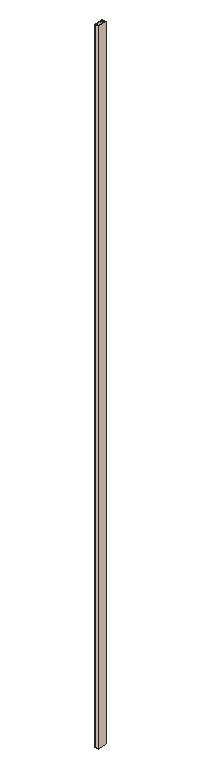
Revit family "sq4020", category 機械設備, Revit 2022
Family settings
  丸型コネクタ寸法 = 直径を使用
  種別 = なし
  パーツ タイプ = 標準
  作業面ベース = いいえ
  常に垂直 = はい
  ロード時にボイドで切り取り = いいえ
  注釈の向きを維持 = いいえ
  共有 = いいえ
  部屋計算ポイント = いいえ
Parameters
  製造元 = "株式会社桐井製作所"
  既定の高さ = 0 mm
  URL = "https://www.kirii.co.jp/"
  K_長さ(mm) [instance] = 3000 mm
  K_材質 = "SGCC　一般用"
  K_断面積A(mm2) = 57
  K_断面係数Zy(mm3) = 575.7
  K_断面係数Zx(mm3) = 374.1
  K_断面2次半径iy(mm) = 14.9
  K_断面2次半径ix(mm) = 8.1
  K_断面2次モーメントIy(mm4) = 12630
  K_断面2次モーメントIx(mm4) = 3741
  K_外形寸法(mm) = "□40×20"
  K_品名 = "SQ-BAR4020"
  K_名称 = "角型スタッド"
  K_単位質量(kg/m) = 0.464
  K_ヤング係数E(N/mm2) = 205000
  K_バージョン情報 = "20210524"
  K_めっき付着量 = "Z08"
  K_JIS規格 = "JIS G 3302"
Reference planes
  plane 1 "中心(正面/背面)": y = 0
  plane 2: z = 0
  plane 3 "中心(左/右)": x = 0
  plane 4: x = 10
  plane 5: x = -10
  plane 6: y = 20
  plane 7: z = 3000
  plane 8: y = -20
Forms (mm)
  Extrusion 1, solid
    sketch origin (0.5, -20, 0) x (1, 0, 0) y (0, 1, 0)
      loop
        line (-10.5, 40) -> (-10.5, 0) -> (9.5, 0) -> (9.5, 40) -> (-10.5, 40)
      loop
        line (-10, 39.5) -> (-10, 0.5) -> (9, 0.5) -> (9, 39.5) -> (-10, 39.5)
    from 0 to 3000
Dimensions and locks
  locked: Extrusion 1 sketch curve to Extrusion 1 sketch curve at 0.5  (x4)
  "K_長さ(mm)": plane 7 to level
  aligned and locked: level to plane 2
  aligned and locked: Extrusion 1 sketch curve to plane 6
  aligned and locked: plane 7 to Extrusion 1
  aligned and locked: plane 4 to Extrusion 1
  aligned and locked: Extrusion 1 to plane 5
Automatic sketch dimensions
  Extrusion 1 sketch curve to plane 4 = 0.5 mm
  plane 5 to Extrusion 1 sketch curve = 0.5 mm
  plane 1 "中心(正面/背面)" to Extrusion 1 sketch curve = 19.5 mm
